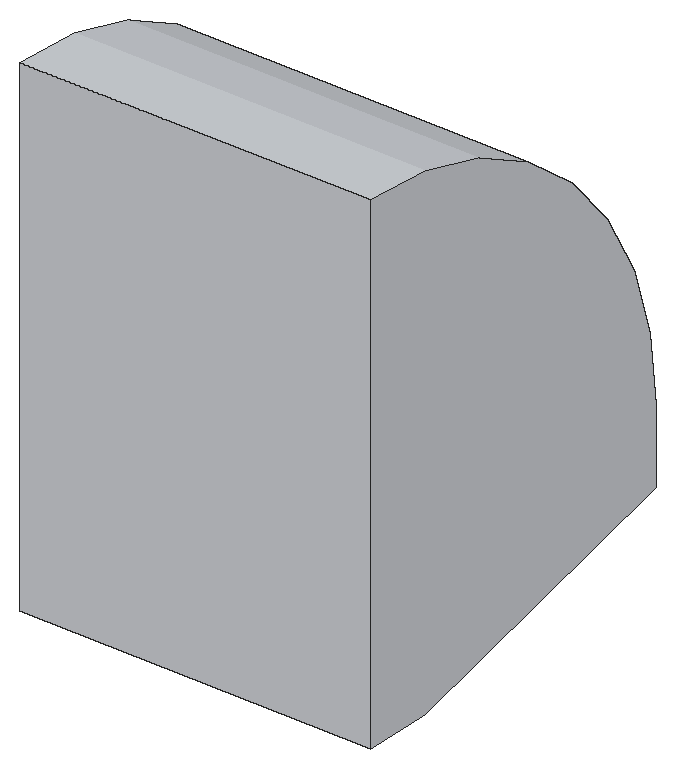
Revit family "DAN DRYER Stainless Design Mini Design 277", category Furniture Systems, host Wall, Revit 2017
Family settings
  Host = Wall
  Round Connector Dimension = Use Diameter
  Part Type = Normal
  Always vertical = Yes
  Cut with Voids When Loaded = No
  Shared = No
  Room Calculation Point = No
Parameters (values of type "Stål")
  Wicth = 143 mm
  URL = "http://www.dandryer.com/Files/Billeder/PDF/Datablade/Nye/Data%20sheet%20article%20no.%20277.pdf"
  Type Image = <None>
  Offset from Floor = 700 mm
  Model = "Stainless design"
  Manufacturer = "http://www.dandryer.com/"
  Height = 200 mm
  Description = "Toilet paper roll holder, article no. 277"
  Cost = 0
Reference planes
  plane 1 "Wall": y = 0
  plane 2 "Center (Left/Right)": x = 125
  plane 3 "Back": y = 75
  plane 4 "Top": z = 700
  plane 5 "Bund": z = 500
  plane 6: x = 196.5
  plane 7: x = 53.5
Forms (mm)
  Extrusion 1, solid
    sketch origin (125, 0, 0) x (0, 1, 0) y (0, 0, 1)
      loop
        line (75, 500) -> (102.5, 500) -> (220, 531.484) -> (220, 561.168)
        arc (220, 561.168) -> (177.141, 661.541) -> (75, 700) r 138.963
        line (75, 700) -> (75, 500)
    from -71.5 to 71.5
  Extrusion 2, void
    sketch origin (125, 0, 0) x (0, 1, 0) y (0, 0, 1)
      loop
        line (117.1, 503.912) -> (208.623, 528.436) -> (202.828, 529.989) -> (114.651, 506.362) -> (117.1, 503.912)
    from -60.269 to 60.203
Cuts and joins
  Extrusion 2 cuts Extrusion 1
Text (mm)
  text "Placement Side" at (-1848.837, 1116.779, 0), in view "Ref. Level"
  text "Placement side" at (0, 1409.804, 2854.306), in view "Left"
  text "Placement side" at (0, 499.811, 2980.732), in view "Right"
Dimensions and locks
  locked: plane 3 "Back" to host wall
  "Height": plane 5 "Bund" to plane 4 "Top"
  equal spacing: plane 7, plane 2 "Center (Left/Right)", plane 6
  "Wicth": plane 7 to plane 6
  "Offset from Floor": level to plane 4 "Top"
  aligned and locked: plane 1 "Wall" to host wall
  aligned and locked: Extrusion 1 to plane 7
  aligned and locked: plane 6 to Extrusion 1
  aligned and locked: plane 4 "Top" to Extrusion 1 sketch curve
  aligned and locked: host wall to Extrusion 1 sketch curve
Automatic sketch dimensions
  Extrusion 1 sketch curve to plane 5 "Bund" = 0 mm
  host wall to Extrusion 1 sketch curve = 6.037 mm
  Extrusion 1 sketch curve to Extrusion 1 sketch curve = 27.5 mm
  plane 5 "Bund" to Extrusion 1 sketch curve = 31.484 mm
  plane 5 "Bund" to Extrusion 1 sketch curve = 61.168 mm
  plane 5 "Bund" to Extrusion 2 sketch curve = 3.912 mm
  host wall to Extrusion 2 sketch curve = 39.651 mm
  Extrusion 2 sketch curve to Extrusion 2 sketch curve = 2.449 mm
  plane 5 "Bund" to Extrusion 2 sketch curve = 6.362 mm
  Extrusion 2 sketch curve to Extrusion 2 sketch curve = 5.796 mm
  plane 5 "Bund" to Extrusion 2 sketch curve = 28.436 mm
  Extrusion 2 sketch curve to Extrusion 2 sketch curve = 1.553 mm
  Extrusion 2 sketch curve to Extrusion 2 sketch curve = 85.727 mm
